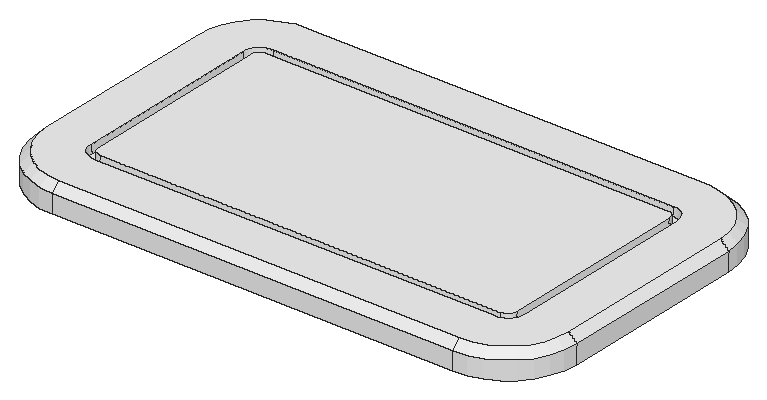
Revit family "ifö Sign Floorstanding WC 6860", category Generic Models, Revit 2015 (continued)
Automatic sketch dimensions
  Masking region 6 sketch curve to Masking region 6 sketch curve = 1.605 mm  (x2)
  Masking region 6 sketch curve to Masking region 6 sketch curve = 0.218 mm  (x2)
  Masking region 6 sketch curve to Masking region 6 sketch curve = 99.612 mm  (x2)
  Masking region 6 sketch curve to Masking region 6 sketch curve = 32.954 mm  (x2)
  Masking region 6 sketch curve to Masking region 6 sketch curve = 30.431 mm  (x2)
  Masking region 6 sketch curve to Masking region 6 sketch curve = 31.609 mm  (x2)
  Masking region 6 sketch curve to Masking region 6 sketch curve = 19.08 mm  (x2)
  Masking region 6 sketch curve to Masking region 6 sketch curve = 5.025 mm  (x2)
  Masking region 6 sketch curve to Masking region 6 sketch curve = 8.153 mm  (x2)
  Masking region 6 sketch curve to Masking region 6 sketch curve = 2.892 mm  (x2)
  curve 184 to curve 185 = 0.00 mm
  curve 195 to curve 196 = 0.00 mm  (x2)
  curve 201 to curve 202 = 0.00 mm
  curve 207 to curve 208 = 0.00 mm  (x2)
  curve 220 to curve 221 = 0.00 mm
  curve 231 to curve 232 = 0.00 mm
  curve 185 to plane 3 "Center (Left/Right)" = 0.00 mm
  curve 202 to plane 3 "Center (Left/Right)" = 0.00 mm
  curve 220 to plane 3 "Center (Left/Right)" = 0.00 mm
  curve 232 to plane 3 "Center (Left/Right)" = 0.00 mm
  plane 1 "Center (Front/Back)" to curve 185 = 699.016 mm
  curve 184 to curve 201 = 138.943 mm
  plane 3 "Center (Left/Right)" to curve 200 = 14.292 mm
  curve 202 to curve 200 = 35.107 mm
  curve 203 to plane 3 "Center (Left/Right)" = 14.292 mm
  curve 203 to curve 200 = 0.00 mm
  curve 200 to curve 199 = 4.382 mm
  curve 203 to curve 204 = 4.382 mm
  curve 199 to curve 197 = 27.881 mm
  curve 204 to curve 206 = 27.881 mm
  plane 3 "Center (Left/Right)" to curve 183 = 8.067 mm
  curve 197 to curve 183 = 34.579 mm
  curve 186 to plane 3 "Center (Left/Right)" = 8.067 mm
  curve 186 to curve 183 = 0.00 mm
  curve 186 to curve 220 = 8.396 mm
  plane 3 "Center (Left/Right)" to curve 218 = 2.439 mm
  curve 220 to curve 218 = 8.218 mm
  curve 223 to plane 3 "Center (Left/Right)" = 2.439 mm
  curve 223 to curve 218 = 0.00 mm
  curve 206 to curve 205 = 54.439 mm
  curve 197 to curve 198 = 54.439 mm
  curve 223 to curve 217 = 15.544 mm
  curve 218 to curve 224 = 15.544 mm
  curve 217 to curve 219 = 14.21 mm
  curve 224 to curve 222 = 14.21 mm
  curve 222 to curve 225 = 5.103 mm
  curve 219 to curve 216 = 5.103 mm
  curve 219 to curve 187 = 6.206 mm
  curve 222 to curve 182 = 6.206 mm
  curve 187 to curve 232 = 0.111 mm
  curve 182 to curve 190 = 15.656 mm
  curve 187 to curve 213 = 15.656 mm
  curve 190 to curve 212 = 4.70 mm
  curve 213 to curve 191 = 4.70 mm
  curve 213 to curve 235 = 6.032 mm
  plane 3 "Center (Left/Right)" to curve 228 = 8.181 mm
  curve 235 to curve 228 = 0.00 mm
  curve 228 to curve 227 = 0.415 mm
  curve 235 to curve 236 = 0.415 mm
  curve 227 to curve 234 = 4.055 mm
  curve 236 to curve 229 = 4.055 mm
  curve 198 to curve 194 = 60.105 mm
  curve 205 to curve 209 = 60.105 mm
  curve 229 to curve 230 = 5.846 mm
  curve 234 to curve 233 = 5.846 mm
  curve 212 to curve 214 = 11.757 mm
  curve 191 to curve 189 = 11.757 mm
  curve 189 to curve 188 = 2.85 mm
  curve 214 to curve 215 = 2.85 mm
  curve 209 to curve 237 = 20.294 mm
  curve 194 to curve 226 = 20.294 mm
  curve 237 to curve 211 = 4.938 mm
  curve 226 to curve 192 = 4.938 mm
  curve 192 to curve 193 = 4.797 mm
  curve 211 to curve 210 = 4.797 mm
  curve 192 to curve 195 = 62.075 mm
  curve 211 to curve 208 = 62.075 mm
  plane 1 "Center (Front/Back)" to curve 168 = 136.153 mm
  curve 181 to curve 179 = 10.499 mm
  curve 169 to curve 169 = 10.499 mm
  curve 169 to curve 166 = 28.801 mm
  curve 181 to curve 180 = 28.801 mm
  curve 180 to curve 167 = 10.499 mm
  curve 215 to curve 228 = 33.477 mm
  curve 197 to curve 200 = 34.398 mm
  curve 225 to curve 215 = 25.432 mm
  curve 198 to curve 225 = 114.268 mm
  curve 194 to curve 198 = 179.033 mm
  curve 226 to curve 194 = 73.618 mm
  curve 193 to curve 226 = 117.228 mm
  curve 192 to curve 193 = 45.631 mm
  curve 196 to curve 192 = 170.773 mm
  curve 215 to curve 214 = 3.455 mm
  curve 225 to curve 222 = 32.377 mm
  curve 214 to curve 212 = 3.514 mm
  curve 212 to curve 190 = 9.257 mm
  curve 222 to curve 182 = 13.442 mm
  plane 3 "Center (Left/Right)" to curve 224 = 19.377 mm
  curve 199 to curve 200 = 3.766 mm
  plane 3 "Center (Left/Right)" to curve 233 = 9.307 mm
  curve 228 to curve 227 = 3.873 mm
  curve 227 to curve 234 = 0.11 mm
  curve 229 to plane 3 "Center (Left/Right)" = 4.198 mm
  curve 229 to curve 236 = 0.11 mm
  curve 236 to curve 235 = 3.873 mm
  curve 229 to curve 230 = 5.109 mm
  curve 203 to curve 204 = 3.766 mm
  curve 217 to plane 3 "Center (Left/Right)" = 19.377 mm
  curve 217 to curve 187 = 1.893 mm
  curve 187 to curve 213 = 4.16 mm
  curve 180 to plane 3 "Center (Left/Right)" = 30.401 mm
  curve 213 to curve 191 = 9.257 mm
  curve 187 to curve 219 = 13.442 mm
  curve 191 to curve 189 = 3.514 mm
  curve 189 to curve 188 = 3.455 mm
  curve 204 to curve 206 = 30.632 mm
  curve 219 to curve 216 = 32.377 mm
  curve 216 to curve 205 = 114.268 mm
  curve 205 to curve 209 = 179.033 mm
  curve 209 to curve 237 = 73.618 mm
  curve 237 to curve 210 = 117.228 mm
  curve 210 to curve 211 = 45.631 mm
  curve 211 to curve 208 = 170.773 mm
  curve 202 to curve 201 = 54.247 mm
  curve 203 to curve 202 = 0.00 mm
  curve 200 to curve 201 = 0.00 mm
  curve 199 to curve 200 = 0.00 mm
  curve 204 to curve 203 = 0.00 mm
  curve 205 to curve 204 = 0.00 mm
  curve 198 to curve 199 = 0.00 mm
  curve 197 to curve 198 = 0.00 mm
  curve 206 to curve 205 = 0.00 mm
  curve 196 to curve 197 = 0.00 mm
  curve 207 to curve 206 = 0.00 mm
  curve 195 to curve 195 = 25.781 mm
  curve 207 to curve 208 = 25.781 mm
  curve 220 to curve 183 = 31.719 mm
  curve 222 to curve 221 = 0.00 mm
  curve 219 to curve 220 = 0.00 mm
  curve 194 to curve 195 = 0.00 mm
  curve 209 to curve 208 = 0.00 mm
  curve 218 to curve 219 = 0.00 mm
  curve 223 to curve 222 = 0.00 mm
  curve 223 to curve 224 = 4.767 mm
  curve 218 to curve 218 = 4.767 mm
  curve 216 to curve 217 = 0.00 mm
  curve 225 to curve 224 = 0.00 mm
  curve 193 to curve 194 = 0.00 mm
  curve 210 to curve 209 = 0.00 mm
  curve 226 to curve 225 = 0.00 mm
  curve 237 to curve 216 = 0.00 mm
  curve 209 to curve 211 = 31.077 mm
  curve 193 to curve 193 = 31.077 mm
  curve 212 to curve 211 = 0.00 mm
  curve 191 to curve 192 = 0.00 mm
  curve 227 to curve 226 = 0.00 mm
  curve 236 to curve 237 = 0.00 mm
  curve 213 to curve 212 = 0.00 mm
  curve 190 to curve 191 = 0.00 mm
  curve 228 to curve 227 = 0.00 mm
  curve 235 to curve 236 = 0.00 mm
  curve 229 to curve 228 = 0.00 mm
  curve 234 to curve 235 = 0.00 mm
  curve 189 to curve 190 = 0.00 mm
  curve 214 to curve 213 = 0.00 mm
  curve 233 to curve 234 = 0.00 mm
  curve 230 to curve 229 = 0.00 mm
  curve 232 to curve 233 = 0.00 mm
  curve 188 to curve 189 = 0.00 mm
  curve 215 to curve 214 = 0.00 mm
  curve 187 to curve 188 = 0.00 mm
  curve 182 to curve 215 = 0.00 mm
  curve 186 to curve 187 = 0.00 mm
  curve 183 to curve 182 = 0.00 mm
  curve 185 to curve 186 = 0.00 mm
  plane 3 "Center (Left/Right)" to curve 165 = 40.90 mm
  radius of curve 45 = 7.30 mm
Nested families
  nested 1: "IFO_seat-option3_asm_S" at (-0.538, -440.012, -8.891), visible <- "WithSeat", type "IFO_seat-option3_asm_S"
Connectors
  piping at (0, -300, 0), diameter 110, driven by "WasteConnectionDiameter"
    settings: index 1, connector inside diameter 24", connector length 0.00 mm, flow factor 0, pipe flow 0 GPM, pressure drop 0.00 psi, fitting loss kfactor 0, connector angle 0.00°, fixture units 0, engagement length 0.00 mm, angle of deflection 0.00°, flow configuration 0, flow direction 2, fitting loss method 0, system type 16, joint type 0, gender type 0, connector reference index -1, connector utility 0, adjustable connector no, is connector primary yes, connector description ""
  piping at (125, -100, 360), diameter 20, driven by "ColdWaterConnectionDiameter"
    settings: index 2, connector inside diameter 24", connector length 0.00 mm, flow factor 0, pipe flow 0 GPM, pressure drop 0.00 psi, fitting loss kfactor 0, connector angle 0.00°, fixture units 0, engagement length 0.00 mm, angle of deflection 0.00°, flow configuration 0, flow direction 1, fitting loss method 0, system type 20, joint type 0, gender type 0, connector reference index -1, connector utility 0, adjustable connector no, is connector primary no, connector description ""
Definition of nested family "IFO_seat-option3_asm_S"
  Parameters
    VVS Number = "614548100"
    Reseller = "Max Sibbern A/S"
    Model = "Ifö toiletsæde_S"
    Material = none
    Ifö Number = "99494"
    Elevation Top = 437.50 mm
    CE Labeling = "yes"
  Reference planes
    plane 1 "Center (Front/Back)": y = 0
    plane 2: z = 0
    plane 3 "Center (Left/Right)": x = 0
    plane 4: z = 420
    plane 5: y = -220
  Dimensions and locks
    level to plane 4 = 420.00 mm
    aligned and locked: level to plane 2
